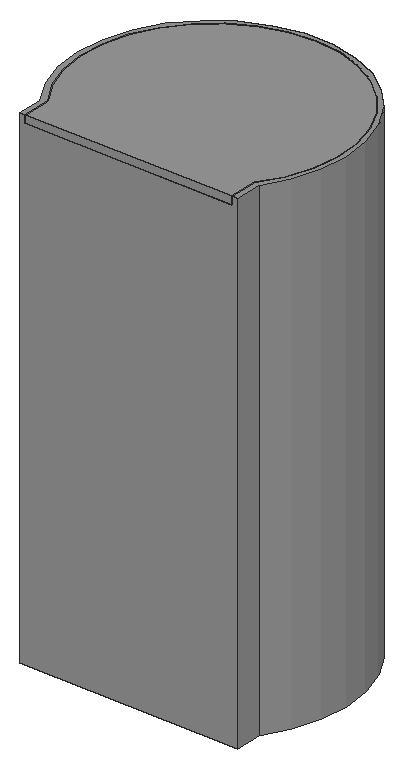
Revit family "3050 Björk Soap dispenser", category Furniture Systems, host Wall, Revit 2017
Family settings
  Host = Wall
  Round Connector Dimension = Use Diameter
  Part Type = Normal
  Always vertical = Yes
  Cut with Voids When Loaded = No
  Shared = No
  Room Calculation Point = No
Parameters (values of type "OSLO")
  URL = "http://www.dandryer.com/en-gb/products/-soapdispensers/3050-bjork--white--liquid-soap-disinfectant"
  Type Image = <None>
  Surface Top = OSLO
  Surface Front = WHITE
  Model = "Björk-3050"
  Manufacturer = "Dan Dryer A/S"
  Description = "Touch-free soap dispenserTouch-free soap dispenser"
  Cost = 0
Types (6, lengths in mm): name | URL | Surface Top | Manufacturer | Description
  BIRK | "http://www.dandryer.dk/da-dk/produkter/produktserie-%E2%80%93-bjork/3050-bjork-dispenser-flydende-saebe-desinfektion--hvid" | BIRK | "Dan Dryer" | "Touch-free soap dispenser"
  GEO WHITE | "http://www.dandryer.dk/da-dk/produkter/produktserie-%E2%80%93-bjork/3050-bjork-dispenser-flydende-saebe-desinfektion--hvid" | GEO WHITE | "Dan Dryer" | "Touch-free soap dispenser"
  GRIGIO LONDRA | "http://www.dandryer.dk/da-dk/produkter/produktserie-%E2%80%93-bjork/3050-bjork-dispenser-flydende-saebe-desinfektion--hvid" | GRIGIO LONDRA | "Dan Dryer" | "Touch-free soap dispenser"
  NEGRO INGO | "http://www.dandryer.dk/da-dk/produkter/produktserie-%E2%80%93-bjork/3050-bjork-dispenser-flydende-saebe-desinfektion--hvid" | NEGRO INGO | "Dan Dryer" | "Touch-free soap dispenser"
  OSLO | "http://www.dandryer.com/en-gb/products/-soapdispensers/3050-bjork--white--liquid-soap-disinfectant" | OSLO | "Dan Dryer A/S" | "Touch-free soap dispenserTouch-free soap dispenser"
  BIANCO MALE | "http://www.dandryer.dk/da-dk/produkter/produktserie-%E2%80%93-bjork/3050-bjork-dispenser-flydende-saebe-desinfektion--hvid" | BIANCO MALE | "Dan Dryer" | "Touch-free soap dispenser"
Reference planes
  plane 1 "Wall": y = 0
  plane 2 "Center (Left/Right)": x = 125
  plane 3 "Back": y = 75
Forms (mm)
  Extrusion 1, solid, material "WHITE", not visible
    sketch origin (0, 0, 0) x (1, 0, 0) y (0, 1, 0)
      loop
        arc (42.212, 95.366) -> (42.426, 94.946) -> (42.5, 94.481) r 1.5
        line (42.5, 94.481) -> (42.5, 75.3) -> (43.7, 75.3) -> (43.7, 94.481)
        arc (43.7, 94.481) -> (43.567, 95.318) -> (43.181, 96.073) r 2.7
        arc (43.181, 96.073) -> (125, 257.1) -> (206.819, 96.073) r 101.3
        arc (206.819, 96.073) -> (206.433, 95.318) -> (206.3, 94.481) r 2.7
        line (206.3, 94.481) -> (206.3, 75.3) -> (207.5, 75.3) -> (207.5, 94.481)
        arc (207.5, 94.481) -> (207.574, 94.946) -> (207.788, 95.366) r 1.5
        arc (207.788, 95.366) -> (125, 258.3) -> (42.212, 95.366) r 102.5
    from 900 to 1230
  Extrusion 2, void, not visible
    sketch origin (207.5, 94.481, 0) x (0, 1, 0) y (0, 0, -1)
      loop
        line (-19.181, -1225) -> (-19.181, -1230) -> (6.154, -1230)
        arc (6.154, -1230) -> (3.068, -1228.36) -> (2.105, -1225) r 4.47
        line (2.105, -1225) -> (-19.181, -1225)
    from -10.952 to 170.161
  Extrusion 3, void, not visible
    sketch origin (207.5, 94.481, 2130) x (0, 1, 0) y (0, 0, -1)
      loop
        line (-19.181, 1225) -> (2.105, 1225)
        arc (2.105, 1225) -> (3.068, 1228.36) -> (6.154, 1230) r 4.47
        line (6.154, 1230) -> (-19.181, 1230) -> (-19.181, 1225)
    from -6 to 179.451
  Extrusion 4, solid, not visible
    sketch origin (207.5, 75.3, 907) x (0, 1, 0) y (-1, 0, 0)
      loop
        line (0, 163.8) -> (0, 1.2) -> (19.181, 1.2)
        arc (19.181, 1.2) -> (20.018, 1.067) -> (20.773, 0.681) r 2.7
        arc (20.773, 0.681) -> (181.8, 82.5) -> (20.773, 164.319) r 101.3
        arc (20.773, 164.319) -> (20.018, 163.933) -> (19.181, 163.8) r 2.7
        line (19.181, 163.8) -> (0, 163.8)
    from 0 to -2
  Extrusion 5, void, not visible
    sketch origin (206.3, 75.3, 0) x (-1, 0, 0) y (0, 0, 1)
      loop
        arc (83.312, 976) -> (81.303, 978.014) -> (79.288, 976) r 2.012
        line (79.288, 976) -> (79.285, 930)
        arc (79.285, 930) -> (81.297, 927.986) -> (83.312, 930) r 2.012
        line (83.312, 930) -> (83.312, 976)
    from 174.915 to 189.234
  Extrusion 6, solid, not visible
    sketch origin (206.3, 75.3, 0) x (1, 0, 0) y (0, 0, 1)
      loop
        line (-83.312, 975.984) -> (-83.312, 930)
        arc (-83.312, 930) -> (-81.291, 928.118) -> (-79.287, 930.016) r 2.015
        line (-79.287, 930.016) -> (-79.288, 976)
        arc (-79.288, 976) -> (-81.309, 977.882) -> (-83.312, 975.984) r 2.015
    from -182.98 to -174.915
  Extrusion 7, solid, material "Mat Sort", not visible
    sketch origin (0, 0, 0) x (1, 0, 0) y (0, 1, 0)
      loop
        arc (42.212, 95.366) -> (42.426, 94.946) -> (42.5, 94.481) r 1.5
        line (42.5, 94.481) -> (42.5, 75.3) -> (43.7, 75.3) -> (43.7, 94.481)
        arc (43.7, 94.481) -> (43.567, 95.318) -> (43.181, 96.073) r 2.7
        arc (43.181, 96.073) -> (125, 257.1) -> (206.819, 96.073) r 101.3
        arc (206.819, 96.073) -> (206.433, 95.318) -> (206.3, 94.481) r 2.7
        line (206.3, 94.481) -> (206.3, 75.3) -> (207.5, 75.3) -> (207.5, 94.481)
        arc (207.5, 94.481) -> (207.574, 94.946) -> (207.788, 95.366) r 1.5
        arc (207.788, 95.366) -> (125, 258.3) -> (42.212, 95.366) r 102.5
    from 900 to 1230
Text (mm)
  text "Placement Side" at (-1848.837, 1116.779, 0), in view "Ref. Level"
  text "Placement side" at (0, 1409.804, 2854.306), in view "Left"
  text "Placement side" at (0, 499.811, 2980.732), in view "Right"
Dimensions and locks
  locked: plane 3 "Back" to host wall
  aligned and locked: plane 1 "Wall" to host wall
  aligned and locked: plane 3 "Back" to nested 1  (x2)
Nested families
  nested 1: "Master Soap dispenser" at (125, 75, 1100), type "Master Soap dispenser"
Definition of nested family "Master Soap dispenser"
  Parameters (values of type "Master Soap dispenser")
    Surface Top = none
    Surface Front = none
  Reference planes
    plane 1 "Center (Front/Back)": y = 0
    plane 2: z = 0
    plane 3 "Center (Left/Right)": x = 0
  Forms (mm)
    Extrusion 1, solid, material <- "Surface Front"
      sketch origin (0, 0, 0) x (1, 0, 0) y (0, 1, 0)
        loop
          line (-72.636, 16.842) -> (-72.636, 0) -> (73.262, 0) -> (73.262, 17.709)
          arc (73.262, 17.709) -> (-0.534, 159.71) -> (-72.636, 16.842) r 89.899
      from 0 to 330
    Extrusion 2, solid, material <- "Surface Top"
      sketch origin (0, 0, 330) x (1, 0, 0) y (0, 1, 0)
        loop
          arc (69.262, 19.017) -> (0, 156.8) -> (-69.261, 19.017) r 86.3
          line (-69.261, 19.017) -> (-69.261, 0) -> (69.262, 0) -> (69.262, 19.017)
      from 0 to -5
    Extrusion 3, void
      sketch origin (0, 0, 0) x (1, 0, 0) y (0, 1, 0)
        loop
          line (-69.261, 0) -> (69.262, 0) -> (69.262, 19.017)
          arc (69.262, 19.017) -> (0, 156.8) -> (-69.261, 19.017) r 86.3
          line (-69.261, 19.017) -> (-69.261, 0)
      from 325 to 330
  Cuts and joins
    Extrusion 3 cuts Extrusion 1
  Dimensions and locks
    aligned and locked: level to plane 2
